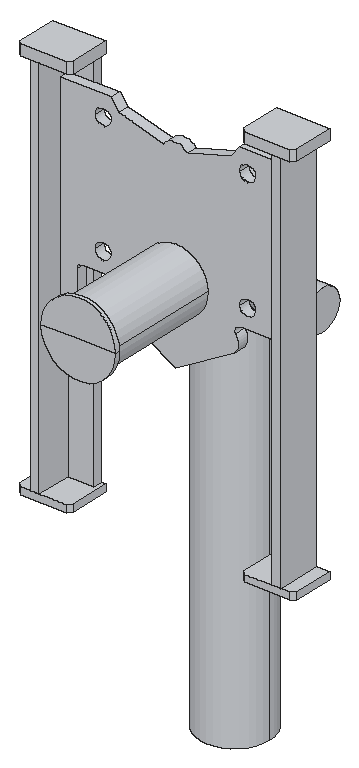
Revit family
Parameters (values of type "MC-14-3-V2")
  Weaste Main Pipe rad = 0' - 2"
  Vent Rad = 0' - 1"
  Model = "MC-14-3-V2"
  Manufacturer = "MIFAB"
  Description = "Fixed Vertical, on stack, 3\" Fixture Carrier"
  Nipple Rad = 0' - 2"
Reference planes (in)
  plane 1 "Center (Front/Back)": y = 0
  plane 2: z = 0
  plane 3 "Center (Left/Right)": x = 0
Forms (in)
  Extrusion 1, solid
    sketch origin (0, 0.373, 12.71376) x (1, 0, 0) y (0, 0, 1)
      loop
        line (-7.2342, 23.04283) -> (-7.2342, 10.16783) -> (-6.1042, 10.16783) -> (-6.1042, 12.75458)
        arc (-6.1042, 12.75458) -> (-6.01199, 12.96623) -> (-5.7942, 13.04283) r 0.28902
        line (-5.7942, 13.04283) -> (-4.07878, 13.04283)
        arc (-4.07878, 13.04283) -> (-3.77847, 12.89241) -> (-3.71908, 12.56182) r 0.375
        arc (-3.71908, 12.56182) -> (-3.93299, 11.98304) -> (-3.6544, 11.43246) r 0.77182
        line (-3.6544, 11.43246) -> (0, 9.32259) -> (3.6544, 11.43246)
        arc (3.6544, 11.43246) -> (3.93299, 11.98304) -> (3.71908, 12.56182) r 0.77182
        arc (3.71908, 12.56182) -> (3.77847, 12.89241) -> (4.07878, 13.04283) r 0.375
        line (4.07878, 13.04283) -> (5.7942, 13.04283)
        arc (5.7942, 13.04283) -> (6.01199, 12.96623) -> (6.1042, 12.75458) r 0.28902
        line (6.1042, 12.75458) -> (6.1042, 10.16783) -> (7.2342, 10.16783) -> (7.2342, 23.04283) -> (3.9842, 23.04283) -> (3.52337, 22.3847) -> (0.72608, 21.60568)
        arc (0.72608, 21.60568) -> (0, 21.94215) -> (-0.72608, 21.60568) r 0.95164
        line (-0.72608, 21.60568) -> (-3.52337, 22.3847) -> (-3.9842, 23.04283) -> (-7.2342, 23.04283)
      loop
        circle (-4.5, 21.75) r 0.5
      loop
        circle (-4.5, 14.25) r 0.5
      loop
        circle (4.5, 14.25) r 0.5
      loop
        circle (4.5, 21.75) r 0.5
    from 0 to 0.65625
  Extrusion 2, solid
    sketch origin (0, 0, 37.18422) x (-1, 0, 0) y (0, -1, 0)
      loop
        line (5.55353, 1.84575) -> (5.31343, 1.60565) -> (5.31343, -0.9494) -> (8.625, -0.9494) -> (8.625, 1.60565) -> (8.3849, 1.84575) -> (5.55353, 1.84575)
      loop
        line (-5.55353, 1.84575) -> (-8.3849, 1.84575) -> (-8.625, 1.60565) -> (-8.625, -0.9494) -> (-5.31343, -0.9494) -> (-5.31343, 1.60565) -> (-5.55353, 1.84575)
    from 0 to 0.6875
  Extrusion 3, solid
    sketch origin (0, 1.3188, 12.71376) x (1, 0, 0) y (0, 1, 0)
      loop
        circle (-0.01742, 3.0243) r 2.19
    from -12.71767 to 13.61609
  Extrusion 4, solid
    sketch origin (0, 0, 12.71376) x (1, 0, 0) y (0, 1, 0)
      loop
        line (-5.6092, 0.373) -> (-5.6092, 0.90425) -> (-7.78061, 0.90425) -> (-7.78061, -1.84575) -> (-7.24936, -1.84575) -> (-7.24936, 0.373) -> (-5.6092, 0.373)
      loop
        line (5.6092, 0.373) -> (7.24936, 0.373) -> (7.24936, -1.84575) -> (7.78061, -1.84575) -> (7.78061, 0.90425) -> (5.6092, 0.90425) -> (5.6092, 0.373)
    from 0.43921 to 24.47046
  Extrusion 5, solid
    sketch origin (0, 0, 12.46547) x (0, 1, 0) y (-1, 0, 0)
      loop
        line (-1.84575, 5.55353) -> (-1.60565, 5.31343) -> (0.9494, 5.31343) -> (0.9494, 8.625) -> (-1.60565, 8.625) -> (-1.84575, 8.3849) -> (-1.84575, 5.55353)
      loop
        line (-1.84575, -5.55353) -> (-1.84575, -8.3849) -> (-1.60565, -8.625) -> (0.9494, -8.625) -> (0.9494, -5.31343) -> (-1.60565, -5.31343) -> (-1.84575, -5.55353)
    from 0.24829 to 0.6875
  Revolve 6, solid
    sketch origin (0, 0, 26.96376) x (1, 0, 0) y (0, 1, 0)
      loop
        line (0, -7.84575) -> (0, 6.60363) -> (-2, 6.60363) -> (-2, -7.59575) -> (-2.3265, -7.59575) -> (-2.3265, -7.84575) -> (0, -7.84575)
      axis (0, -7.84575) -> (0, 6.60363)
    angle from 0 to 360
  Extrusion 7, solid
    sketch origin (0, 1.3188, 39.94594) x (0, -1, 0) y (1, 0, 0)
      loop
        circle (-3.0243, -0.01742) r 1.2
    from -12.12165 to -9.23218
  Extrusion 8, solid
    sketch origin (-5.59554, 1.31129, 12.91266) x (0, 1, 0) y (0, 0, 1)
      loop
        circle (3.0243, 12.28344) r 1.25
    from 0.09554 to 11.09554
Cuts and joins
  joined: Extrusion 1, Extrusion 3, Revolve 6, Extrusion 7, Extrusion 8
Dimensions and locks (in)
  Extrusion 1 sketch curve to Extrusion 1 sketch curve = 0' - 7 1/2"
  aligned and locked: Extrusion 4 to Extrusion 2
  aligned and locked: Extrusion 4 to Extrusion 5
Connectors (in)
  piping at (0, -7.84575, 26.96376), driven by "Nipple Rad"
    settings: on cut or joined group of Extrusion 1, Extrusion 3, Revolve 6, Extrusion 7, Extrusion 8, index 1
  piping at (-0.01742, 4.3431, -0.00391), driven by "Weaste Main Pipe rad"
    settings: on cut or joined group of Extrusion 1, Extrusion 3, Revolve 6, Extrusion 7, Extrusion 8, index 2
  piping at (-0.01742, 4.3431, 30.71376), driven by "Vent Rad"
    settings: on cut or joined group of Extrusion 1, Extrusion 3, Revolve 6, Extrusion 7, Extrusion 8, index 3
